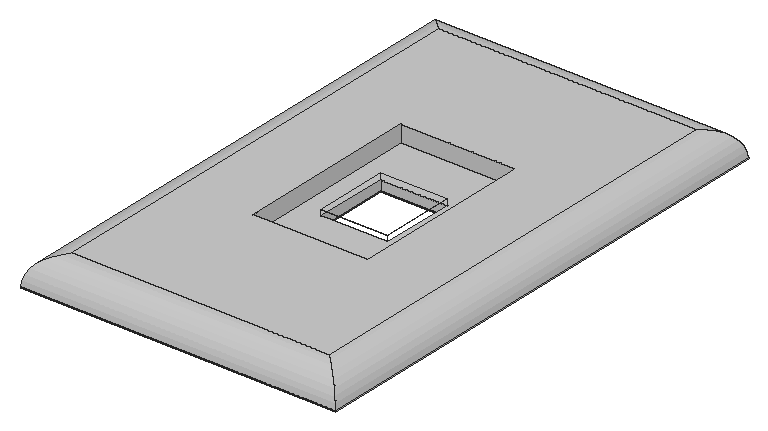
Revit family "Data_Device-Work_Area-Leviton-QuickPort-Wallplate", category Data Devices, host Face, Revit 2026 (continued)
Lines and regions (in)
  reference lines
    curve 1: line (-2.2815, 0.9575, 0.25) -> (0.4685, 0.9575, 0.25)
    curve 2: line (-2.2215, 0.77, 0.25) -> (0.4085, 0.77, 0.25)
    curve 3: line (-2.2815, 0.3225, 0.25) -> (0.4685, 0.3225, 0.25)
    curve 4: line (-2.2815, -0.125, 0.25) -> (0.4685, -0.125, 0.25)
    curve 5: line (-2.2815, -0.5725, 0.25) -> (0.4685, -0.5725, 0.25)
  reference lines, not visible
    curve 6: line (-1.522, 0.77, 7) -> (-0.291, 0.77, 7)
    curve 7: line (-1.522, -0.125, 7) -> (-0.291, -0.125, 7)
    curve 8: line (-2.2815, -0.125, 0.25) -> (0.4685, -0.125, 0.25)
    curve 9: line (-2.2815, -0.125, 0.25) -> (0.4685, -0.125, 0.25)
    curve 10: line (-0.9065, 1.2175, 0.25) -> (-0.9065, -0.5725, 0.25)
    curve 11: line (-2.2215, 0.77, 0.25) -> (0.4085, 0.77, 0.25)
    curve 12: line (-2.1675, 1.2175, 0.25) -> (0.3545, 1.2175, 0.25)
    curve 13: line (-2.2215, 0.77, 0.25) -> (0.4085, 0.77, 0.25)
    curve 17: line (-2.009, -0.9132566, 0.2869739) -> (-2.009, 1.2175, 0.2869739)
    curve 18: line (0.196, -0.9132566, 0.2869739) -> (0.196, 1.2175, 0.2869739)
    curve 20: line (-1.232, -0.9132566, 0.2869739) -> (-1.232, 1.2175, 0.2869739)
    curve 21: line (-0.581, -0.9132566, 0.2869739) -> (-0.581, 1.2175, 0.2869739)
  reference lines, visible <- "z Angles are Visible 4 Port"
    curve 14: line (-1.522, 0.6182373, 0.2869739) -> (-0.291, 0.6182373, 0.2869739)
    curve 16: line (-1.564, 0.6182373, 0.2869739) -> (-0.249, 0.6182373, 0.2869739)
    curve 19: line (-1.564, -0.5670469, 0.2869739) -> (-0.249, -0.5670469, 0.2869739)
  reference lines, visible <- "z Angles are Visible 2 Port"
    curve 15: line (-1.522, 0.3053335, 0.2869739) -> (-0.291, 0.3053335, 0.2869739)
  reference lines, visible <- "z Has 08 Ports"
    curve 22: line (-2.1675, 1.2175, 0.25) -> (-2.2815, -0.5725, 0.25)
    curve 23: line (0.3545, 1.2175, 0.25) -> (0.4685, -0.5725, 0.25)
    curve 24: line (-2.2215, 0.77, 0.25) -> (-2.2215, -0.5725, 0.25)
    curve 25: line (0.4085, 0.77, 0.25) -> (0.4085, -0.5725, 0.25)
  symbolic lines, style "Wallplates", detail levels fine
    curve 26: line (-2.0315, 2.5725, 0.25) -> (0.2185, 2.5725, 0.25)
    curve 27: arc (-2.2815, 2.5725, 0) -> (-2.2082767, 2.5725, 0.1767767) -> (-2.0315, 2.5725, 0.25) r 0.25
    curve 28: arc (0.2185, 2.5725, 0.25) -> (0.3952767, 2.5725, 0.1767767) -> (0.4685, 2.5725, 0) r 0.25
    curve 29: line (-2.2815, 2.5725, 0) -> (0.4685, 2.5725, 0)
    curve 30: line (0.4685, 2.3225, 0.25) -> (0.4685, -1.6775, 0.25)
    curve 31: arc (0.4685, -1.6775, 0.25) -> (0.4685, -1.8542767, 0.1767767) -> (0.4685, -1.9275, 0) r 0.25
    curve 32: arc (0.4685, 2.5725, 0) -> (0.4685, 2.4992767, 0.1767767) -> (0.4685, 2.3225, 0.25) r 0.25
    curve 33: line (0.4685, -1.9275, 0) -> (0.4685, 2.5725, 0)
    curve 34: arc (-2.2815, -1.6775, 0.25) -> (-2.2815, -1.8542767, 0.1767767) -> (-2.2815, -1.9275, 0) r 0.25
    curve 35: line (-2.2815, -1.9275, 0) -> (-2.2815, 2.5725, 0)
    curve 36: arc (-2.2815, 2.5725, 0) -> (-2.2815, 2.4992767, 0.1767767) -> (-2.2815, 2.3225, 0.25) r 0.25
    curve 37: line (-2.2815, 2.3225, 0.25) -> (-2.2815, -1.6775, 0.25)
  symbolic lines, style "Wallplates", detail levels medium
    curve 38: line (-2.2815, 2.5725, 0.25) -> (0.4685, 2.5725, 0.25)
    curve 39: line (-2.2815, 2.5725, 0) -> (-2.2815, 2.5725, 0.25)
    curve 40: line (0.4685, 2.5725, 0) -> (-2.2815, 2.5725, 0)
    curve 41: line (0.4685, 2.5725, 0.25) -> (0.4685, 2.5725, 0)
  symbolic lines, style "Wallplates", detail levels coarse+medium
    curve 42: line (0.4685, -1.9275, 0.25) -> (0.4685, 2.5725, 0.25)
    curve 43: line (0.4685, 2.5725, 0.25) -> (0.4685, 2.5725, 0)
    curve 44: line (0.4685, -1.9275, 0) -> (0.4685, -1.9275, 0.25)
    curve 45: line (0.4685, 2.5725, 0) -> (0.4685, -1.9275, 0)
Dimensions and locks (in)
  "z Depth": plane 4 "Front" to plane 2 "Mounting Surface"
  equal spacing: plane 8, plane 1 "Center (Front/Back)", plane 5  (x2)
  "Height": plane 8 to plane 5
  "z Distance": plane 5 to plane 9
  "z Distance": plane 9 to plane 10
  "z Distance": plane 10 to plane 11
  "z Distance": plane 11 to plane 12
  "z Distance": plane 12 to plane 13
  "Height": plane 14 to plane 9
  "Height": plane 15 to plane 10
  "Height": plane 16 to plane 11
  "Height": plane 17 to plane 12
  "Height": plane 18 "Top" to plane 13
  "Height": Extrusion 9 to Extrusion 9
  "z Distance": plane 19 to plane 5
  equal spacing: plane 20, plane 1 "Center (Front/Back)", plane 21, locked at 0.325 each
  "z Height": plane 20 to plane 21
  "Width": plane 6 "Left" to plane 7 "Right"
  equal spacing: plane 6 "Left", plane 3 "Center (Left/Right)", plane 7 "Right"
  equal spacing: plane 22, plane 3 "Center (Left/Right)", plane 23
  locked: plane 8 to plane 24 at 0.25
  Extrusion 11 sketch curve to Extrusion 11 sketch curve = 0.46000"
  Extrusion 11 sketch curve to Extrusion 11 sketch curve = 1.83000"  (x2)
  Extrusion 11 sketch curve to plane 3 "Center (Left/Right)" = 0.07610"
  "z Void Offset Single Gang 2": Extrusion 10 to plane 27 "1"
  Extrusion 13 to Extrusion 12 = 0.44750"
  "z Depth": Extrusion 13 to Extrusion 13
  "z Width": plane 22 to plane 23
  locked: Extrusion 14 to Extrusion 14 at 0.25
  Extrusion 15 sketch curve to Extrusion 15 sketch curve = 0.65000"  (x2)
  "z Depth": Extrusion 15 to plane 29 "3"
  locked: Extrusion 15 to Extrusion 15 at 0.65  (x2)
  locked: Extrusion 15 to Extrusion 15 at 0.895
  equal spacing: Extrusion 11 sketch curve, plane 3 "Center (Left/Right)", Extrusion 11 sketch curve
  equal spacing: plane 30, plane 3 "Center (Left/Right)", plane 31 "Angled Feature Right Side"
  "z Width": plane 30 to plane 32
  equal spacing: plane 32, plane 3 "Center (Left/Right)", plane 33
  Extrusion 18 sketch curve to Extrusion 18 sketch curve = 0.65000"  (x2)
  locked: Extrusion 18 to Extrusion 18 at 0.65  (x2)
  Extrusion 18 to Extrusion 18 = 0.89500"
  locked: Extrusion 18 to Extrusion 18 at 0.895
  "z Depth": Extrusion 17 to plane 34 "6"
  "z Depth": Extrusion 18 to plane 34 "6"
  "z 1 X Offset 1": plane 30 to plane 31 "Angled Feature Right Side"
  locked: Extrusion 19 to Extrusion 19 at 0.25
  "z Depth": Extrusion 20 to Extrusion 20
  equal spacing: plane 37, plane 3 "Center (Left/Right)", plane 38
  equal spacing: plane 36, plane 3 "Center (Left/Right)", plane 39
  "z 1 X Offset 2": plane 31 "Angled Feature Right Side" to plane 38
  "z Width": plane 39 to plane 38
  "z Height": plane 40 to plane 41
  "z 1 Y Offset 1": plane 40 to plane 20
  "z Depth": Extrusion 22 to plane 43 "8"
  "z Depth": Extrusion 21 to plane 43 "8"
  equal spacing: plane 45, plane 1 "Center (Front/Back)", plane 44
  "z Height": plane 46 to plane 45
  "z Height": plane 44 to plane 47
  "z 1 Y Offset 1": plane 45 to plane 44
  "z Depth": Extrusion 20 to plane 35 "4"
  equal spacing: Extrusion 23 sketch curve, plane 48, Extrusion 23 sketch curve
  locked: Extrusion 23 sketch curve to Extrusion 23 sketch curve at 1.62
  equal spacing: Extrusion 23 sketch curve, plane 3 "Center (Left/Right)", Extrusion 23 sketch curve
  locked: Extrusion 23 sketch curve to Extrusion 23 sketch curve at 1
  "z 2 Y Offset 2": plane 1 "Center (Front/Back)" to plane 48
  locked: plane 4 "Front" to plane 49 "Recess" at 0.15
  "z Offset 6": plane 34 "6" to plane 50 "Void Collector"
  locked: level to plane 50 "Void Collector" at 2
  "z Offset 2 H": plane 43 "8" to plane 50 "Void Collector"
  "z Offset 4": plane 35 "4" to plane 50 "Void Collector"
  "z Offset 3": plane 29 "3" to plane 50 "Void Collector"
  "z Offset 1": plane 27 "1" to plane 50 "Void Collector"
  "z Offset 2": plane 28 "2" to plane 50 "Void Collector"
  "z Void Offset Dual Gang 2": plane 42 to plane 50 "Void Collector"
  "z Void Offset Single Gang 1": plane 26 to plane 50 "Void Collector"
  "z Void Offset Dual Gang 1": plane 25 to plane 50 "Void Collector"
  locked: plane 25 to Extrusion 11 at 0.1
  equal spacing: plane 46, plane 54, plane 45, locked at 0.325 each
  equal spacing: plane 44, plane 55, plane 47, locked at 0.325 each
  plane 30 to plane 32 = 0.58000"  (x3)
  "z Depth": Extrusion 24 to plane 35 "4"
  "z Width": Extrusion 20 to Extrusion 20  (x2)
  Extrusion 20 to Extrusion 20 = 0.58000"
  plane 33 to plane 31 "Angled Feature Right Side" = 0.58000"
  Extrusion 25 sketch curve to Extrusion 25 sketch curve = 0.65000"  (x2)
  locked: Extrusion 25 to Extrusion 25 at 0.65  (x2)
  locked: Extrusion 25 to Extrusion 25 at 0.895
  "z Depth": Extrusion 25 to plane 34 "6"
  equal spacing: cut or joined group 1 (Sweep 3, Extrusion 8, Extrusion 10, Extrusion 11, Extrusion 14, Extrusion 16, Extrusion 17, Extrusion 19, Extrusion 22, Extrusion 23, Extrusion 26, Extrusion 27, Extrusion 30, Extrusion 31, Extrusion 32, Extrusion 36, Extrusion 37), plane 3 "Center (Left/Right)", cut or joined group 1, locked at 1.9061 each
  Extrusion 26 sketch curve to Extrusion 26 sketch curve = 0.46000"
  Extrusion 26 sketch curve to Extrusion 26 sketch curve = 1.83000"
  Extrusion 26 to Extrusion 26 = 1.83000"
  locked: Extrusion 26 to Extrusion 26 at 1.83
  equal spacing: Extrusion 26 sketch curve, plane 3 "Center (Left/Right)", Extrusion 26 sketch curve
  equal spacing: Extrusion 26 sketch curve, plane 1 "Center (Front/Back)", Extrusion 26 sketch curve  (x2)
  plane 1 "Center (Front/Back)" to Extrusion 26 sketch curve = 1.85000"
  locked: plane 26 to Extrusion 26 at 0.1
  locked: Extrusion 27 to plane 42 at 0.1
  cut or joined group of Extrusion 20, Extrusion 26, Extrusion 30 to cut or joined group of Extrusion 20, Extrusion 26, Extrusion 30 = 0.58000"
  equal spacing: plane 56, plane 3 "Center (Left/Right)", plane 57
  "z Void Offset Angled": plane 56 to plane 3 "Center (Left/Right)"
  "z Void 4 Port Angled": plane 58 "Lower 4-Port Mounting Face" to plane 61 "Lower 4-Port"
  "z Void 4 Port Angled": plane 60 "Upper 4-Port Mounting Face" to plane 63 "Upper 4-Port"
  "z Void 2 Port Angled": plane 59 "2-Port Mounting Face" to plane 62 "2-Port"
  Extrusion 30 sketch curve to Extrusion 30 sketch curve = 0.45962"
  "z Height": Extrusion 30 sketch curve to Extrusion 30 sketch curve  (x2)
  Extrusion 31 sketch curve to Extrusion 31 sketch curve = 0.45962"
  "z Height": Extrusion 31 sketch curve to Extrusion 31 sketch curve  (x2)
  Extrusion 32 sketch curve to Extrusion 32 sketch curve = 0.45962"
  "z Height": Extrusion 32 sketch curve to Extrusion 32 sketch curve  (x2)
  locked: Extrusion 30 to Extrusion 30 at 1.2
  locked: Extrusion 32 to Extrusion 32 at 1.2
  locked: Extrusion 31 to Extrusion 31 at 1.2
  Extrusion 33 to level = 0.01000"
  locked: plane 59 "2-Port Mounting Face" to plane 58 "Lower 4-Port Mounting Face" at 0.3976793
  locked: plane 60 "Upper 4-Port Mounting Face" to plane 58 "Lower 4-Port Mounting Face" at 0.5403182
  Extrusion 28 sketch curve to Extrusion 28 sketch curve = 0.22832"  (x2)
  Extrusion 28 sketch curve to Extrusion 28 sketch curve = 0.50086"  (x2)
  Extrusion 28 sketch curve to Extrusion 28 sketch curve = 0.44580"  (x2)
  "z Depth": Extrusion 34 sketch curve to Extrusion 34 sketch curve  (x2)
  locked: Extrusion 34 sketch curve to cut or joined group of Extrusion 28, Extrusion 30, Extrusion 31, Extrusion 32, Extrusion 37 at 0.65  (x2)
  locked: cut or joined group of Extrusion 28, Extrusion 30, Extrusion 31, Extrusion 32, Extrusion 37 to cut or joined group 1 at 0.0396864
  locked: Extrusion 33 to plane 18 "Top" at 0.01
  locked: plane 19 to Extrusion 33 at 0.01
  locked: plane 6 "Left" to Extrusion 33 at 0.01
  locked: Extrusion 33 to plane 7 "Right" at 0.01
  "z Depth": Extrusion 35 sketch curve to Extrusion 35 sketch curve
  locked: cut or joined group of Extrusion 29, Extrusion 31, Extrusion 37 to Extrusion 35 at 0.0396864
  locked: Extrusion 33 to level at 0.01
  cut or joined group of Extrusion 28, Extrusion 30, Extrusion 31, Extrusion 32, Extrusion 37 to Extrusion 34 = 0.03969"
  "z 1 X Offset 2": plane 31 "Angled Feature Right Side" to plane 64
  "z Width": plane 65 to plane 64
  equal spacing: plane 66, plane 3 "Center (Left/Right)", plane 65
  equal spacing: plane 67, plane 3 "Center (Left/Right)", plane 64
  equal spacing: plane 68 "Angled Feature Left Side", plane 3 "Center (Left/Right)", plane 69
  "z Void Offset Angled Plastic": plane 56 to plane 68 "Angled Feature Left Side"
  locked: plane 70 "Angled" to plane 4 "Front" at 0.0369739
  equal spacing: curve 17, plane 3 "Center (Left/Right)", curve 18
  curve 17 to plane 3 "Center (Left/Right)" = 1.10250"
  curve 10 to curve 17 = 1.10250"
  equal spacing: plane 30, curve 20, plane 32
  equal spacing: curve 20, plane 3 "Center (Left/Right)", curve 21
  equal spacing: curve 24, plane 3 "Center (Left/Right)", curve 25
  curve 24 to plane 3 "Center (Left/Right)" = 1.31500"
  plane 71 to plane 3 "Center (Left/Right)" to plane 72 = 1.60500" locked, 1.60500" locked
  locked: plane 73 to plane 74 at 0.1
  Extrusion 36 sketch curve to Extrusion 36 sketch curve = 0.46000"
  Extrusion 36 sketch curve to Extrusion 36 sketch curve = 1.83000"  (x2)
  locked: Extrusion 36 to Extrusion 36 at 1.83
  "z Void Offset Single Gang 3": plane 73 to plane 50 "Void Collector"
  "z Void 1 Port Angled": plane 59 "2-Port Mounting Face" to plane 75
  "z Height": Extrusion 37 sketch curve to Extrusion 37 sketch curve
  "z Depth": Extrusion 38 sketch curve to Extrusion 38 sketch curve  (x2)
  "z Depth": Extrusion 39 sketch curve to Extrusion 39 sketch curve  (x2)
  "z Void Offset Single Gang 4": plane 76 to plane 50 "Void Collector"
  "z Void Offset Dual Gang 3": plane 77 to plane 50 "Void Collector"
  locked: Extrusion 40 sketch curve to plane 76 at 0.75
  plane 78 to plane 77 to plane 79 = 0.75000" locked, 0.75000" locked
  locked: plane 31 "Angled Feature Right Side" to Extrusion 41 sketch curve at 0.155
  locked: Extrusion 41 sketch curve to plane 30 at 0.155
  locked: plane 76 to Extrusion 40 sketch curve at 0.75
  aligned and locked: Extrusion 1 to plane 2 "Mounting Surface"
  aligned and locked: Extrusion 1 to level
  aligned and locked: Extrusion 2 to plane 5
  aligned and locked: Extrusion 2 to plane 6 "Left"
  aligned and locked: Extrusion 2 to plane 7 "Right"
  aligned and locked: plane 8 to Extrusion 2
  aligned and locked: Extrusion 2 to level
  aligned and locked: plane 4 "Front" to Extrusion 2
  aligned and locked: Sweep 3 sketch curve to Extrusion 2  (x4)
  aligned and locked: profile plane to Sweep 3 sketch curve
  aligned and locked: Extrusion 9 to plane 19
  aligned and locked: Extrusion 4 to plane 9
  aligned and locked: Extrusion 5 to plane 10
  aligned and locked: plane 16 to Extrusion 6
  aligned and locked: Extrusion 6 to plane 11
  aligned and locked: plane 15 to Extrusion 5
  aligned and locked: plane 14 to Extrusion 4
  aligned and locked: Extrusion 7 to plane 12
  aligned and locked: plane 17 to Extrusion 7
  aligned and locked: Extrusion 8 to plane 13
  aligned and locked: plane 18 "Top" to Extrusion 8
  aligned and locked: Extrusion 9 to plane 6 "Left"
  aligned and locked: Extrusion 9 to plane 7 "Right"
  aligned and locked: Extrusion 4 to plane 6 "Left"
  aligned and locked: Extrusion 5 to plane 6 "Left"
  aligned and locked: Extrusion 6 to plane 6 "Left"
  aligned and locked: Extrusion 7 to plane 6 "Left"
  aligned and locked: Extrusion 8 to plane 6 "Left"
  aligned and locked: Extrusion 4 to plane 7 "Right"
  aligned and locked: Extrusion 5 to plane 7 "Right"
  aligned and locked: Extrusion 6 to plane 7 "Right"
  aligned and locked: Extrusion 7 to plane 7 "Right"
  aligned and locked: Extrusion 8 to plane 7 "Right"
  aligned and locked: Extrusion 10 to plane 22
  aligned and locked: plane 20 to Extrusion 10
  aligned and locked: plane 23 to Extrusion 10
  aligned and locked: Extrusion 10 to plane 21
  aligned: Extrusion 10 to level
  aligned and locked: plane 24 to Sweep 3 sketch curve
  aligned and locked: Sweep 3 sketch curve to profile plane
  aligned and locked: plane 25 to Extrusion 11
  aligned and locked: plane 22 to Extrusion 12 sketch curve
  aligned and locked: Extrusion 12 sketch curve to plane 20
  aligned and locked: Extrusion 12 sketch curve to plane 23
  aligned and locked: plane 21 to Extrusion 12 sketch curve
  aligned and locked: Extrusion 12 to plane 27 "1"
  aligned and locked: Extrusion 10 to Extrusion 12
  aligned and locked: Extrusion 13 to plane 28 "2"
  aligned and locked: Extrusion 10 to plane 27 "1"
  aligned and locked: Extrusion 14 sketch curve to Extrusion 13  (x8)
  aligned and locked: Extrusion 14 to plane 28 "2"
  aligned: Extrusion 14 to Extrusion 11
  aligned and locked: plane 21 to Extrusion 15 sketch curve
  aligned and locked: Extrusion 15 sketch curve to plane 23  (x3)
  aligned and locked: plane 22 to Extrusion 15 sketch curve  (x3)
  aligned and locked: Extrusion 15 to plane 29 "3"
  aligned and locked: Extrusion 16 sketch curve to Extrusion 15  (x10)
  aligned and locked: Extrusion 16 sketch curve to Extrusion 10  (x2)
  aligned and locked: Extrusion 16 to plane 29 "3"
  aligned and locked: Extrusion 16 to Extrusion 15
  aligned and locked: Extrusion 18 to plane 34 "6"
  aligned and locked: Extrusion 17 to plane 34 "6"
  aligned and locked: plane 30 to Extrusion 19 sketch curve  (x2)
  aligned and locked: Extrusion 19 sketch curve to plane 32  (x2)
  aligned and locked: plane 33 to Extrusion 19 sketch curve  (x2)
  aligned and locked: Extrusion 19 sketch curve to plane 31 "Angled Feature Right Side"  (x2)
  aligned: Extrusion 19 to plane 35 "4"
  aligned: Extrusion 20 to Extrusion 14  (x2)
  aligned: Extrusion 20 to nested 1
  aligned: Extrusion 14 to Extrusion 20  (x2)
  aligned and locked: plane 33 to Extrusion 20 sketch curve
  aligned and locked: Extrusion 20 sketch curve to plane 33
  aligned and locked: Extrusion 20 sketch curve to plane 31 "Angled Feature Right Side"
  aligned and locked: plane 31 "Angled Feature Right Side" to Extrusion 20 sketch curve
  aligned: Extrusion 20 to plane 35 "4"
  aligned: Extrusion 20 sketch curve to Extrusion 19
  aligned: Extrusion 20 to Extrusion 19  (x8)
  aligned: Extrusion 19 to Extrusion 20  (x4)
  aligned and locked: Extrusion 20 sketch curve to plane 38
  aligned and locked: plane 38 to Extrusion 20 sketch curve
  aligned and locked: plane 39 to Extrusion 20 sketch curve
  aligned and locked: Extrusion 20 sketch curve to plane 39
  aligned and locked: Extrusion 20 sketch curve to plane 36
  aligned and locked: plane 36 to Extrusion 20 sketch curve
  aligned and locked: Extrusion 20 sketch curve to plane 37
  aligned and locked: plane 37 to Extrusion 20 sketch curve
  aligned and locked: Extrusion 19 sketch curve to Extrusion 19 sketch curve  (x3)
  aligned: Extrusion 19 sketch curve to Extrusion 19 sketch curve
  aligned: Extrusion 20 to cut or joined group 1  (x4)
  aligned and locked: Extrusion 17 sketch curve to Extrusion 18  (x8)
  aligned and locked: Extrusion 18 to Extrusion 17 sketch curve  (x4)
  aligned: Extrusion 17 to Extrusion 15
  aligned: Extrusion 15 to Extrusion 17
  aligned and locked: Extrusion 16 to Extrusion 18  (x3)
  aligned: plane 40 to cut or joined group of Extrusion 15, Extrusion 17, Extrusion 30
  aligned and locked: Extrusion 18 to plane 41  (x3)
  aligned and locked: cut or joined group 1 to plane 41
  aligned and locked: plane 20 to cut or joined group of Extrusion 15, Extrusion 17, Extrusion 30
  aligned and locked: plane 40 to cut or joined group of Extrusion 15, Extrusion 17, Extrusion 30
  aligned and locked: Extrusion 18 to cut or joined group 2 (Sweep 3, Extrusion 7, Extrusion 10, Extrusion 11, Extrusion 14, Extrusion 16, Extrusion 17, Extrusion 19, Extrusion 22, Extrusion 26, Extrusion 27, Extrusion 30, Extrusion 31, Extrusion 32, Extrusion 36, Extrusion 37)  (x2)
  aligned and locked: Extrusion 15 to Extrusion 17
  aligned and locked: Extrusion 17 to cut or joined group 2  (x2)
  aligned and locked: cut or joined group 2 to Extrusion 17
  aligned and locked: plane 6 "Left" to curve 1
  aligned and locked: plane 6 "Left" to curve 3
  aligned and locked: plane 6 "Left" to curve 5
  aligned and locked: plane 7 "Right" to curve 1
  aligned and locked: plane 7 "Right" to curve 3
  aligned and locked: plane 7 "Right" to curve 4
  aligned and locked: plane 7 "Right" to curve 5
  aligned and locked: Extrusion 18 to Extrusion 17
  aligned and locked: plane 20 to Extrusion 17  (x4)
  aligned and locked: Extrusion 17 to Extrusion 18
  aligned and locked: plane 20 to Extrusion 18  (x3)
  aligned and locked: plane 1 "Center (Front/Back)" to curve 3
  aligned and locked: Extrusion 11 sketch curve to Extrusion 11 sketch curve
  aligned and locked: cut or joined group of Sweep 3, Extrusion 6, Extrusion 10, Extrusion 11, Extrusion 14, Extrusion 16, Extrusion 17, Extrusion 19, Extrusion 22, Extrusion 26, Extrusion 27, Extrusion 30, Extrusion 31, Extrusion 32, Extrusion 36, Extrusion 37 to Extrusion 11
  aligned: cut or joined group 1 to Extrusion 11
  aligned: Extrusion 11 to cut or joined group 1
  aligned and locked: Extrusion 22 to plane 43 "8"
  aligned and locked: Extrusion 21 to plane 43 "8"
  aligned: plane 44 to Extrusion 20
  aligned: plane 44 to Extrusion 19  (x3)
  aligned: Extrusion 20 to plane 45  (x4)
  aligned: Extrusion 19 to plane 45  (x4)
  aligned and locked: cut or joined group of Extrusion 13, Extrusion 16, Extrusion 19, Extrusion 26, Extrusion 30, Extrusion 31, Extrusion 32 to plane 45
  aligned: plane 46 to Extrusion 20  (x3)
  aligned: plane 46 to Extrusion 19  (x3)
  aligned: Extrusion 20 to plane 46
  aligned: Extrusion 19 to plane 46
  aligned and locked: plane 46 to cut or joined group of Extrusion 13, Extrusion 16, Extrusion 19, Extrusion 26, Extrusion 30, Extrusion 31, Extrusion 32
  aligned and locked: plane 46 to cut or joined group 1
  aligned: Extrusion 19 to plane 47  (x4)
  aligned and locked: plane 46 to Extrusion 20
  aligned and locked: cut or joined group of Extrusion 13, Extrusion 16, Extrusion 19, Extrusion 26, Extrusion 30, Extrusion 31, Extrusion 32 to plane 47
  aligned: Extrusion 20 to cut or joined group 2
  aligned and locked: plane 44 to Extrusion 20 sketch curve
  aligned and locked: Extrusion 20 to plane 47  (x2)
  aligned and locked: Extrusion 20 to plane 44
  aligned: Extrusion 19 to plane 44
  aligned and locked: plane 44 to Extrusion 20
  aligned and locked: plane 44 to cut or joined group of Extrusion 13, Extrusion 16, Extrusion 19, Extrusion 26, Extrusion 30, Extrusion 31, Extrusion 32
  aligned and locked: Extrusion 20 to cut or joined group of Extrusion 18, Extrusion 22, Extrusion 26, Extrusion 30  (x4)
  aligned and locked: cut or joined group of Extrusion 18, Extrusion 22, Extrusion 26, Extrusion 30 to Extrusion 20  (x4)
  aligned and locked: cut or joined group of Extrusion 18, Extrusion 22, Extrusion 26, Extrusion 30 to cut or joined group of Extrusion 18, Extrusion 22, Extrusion 26, Extrusion 30  (x4)
  aligned: curve 6 to cut or joined group 2  (x2)
  aligned: curve 7 to cut or joined group 2  (x2)
  aligned and locked: plane 5 to Masking region 1 sketch curve
  aligned and locked: Masking region 1 sketch curve to plane 8
  aligned and locked: Masking region 1 sketch curve to plane 4 "Front"
  aligned and locked: level to Masking region 1 sketch curve
  aligned and locked: Extrusion 23 to plane 49 "Recess"
  aligned and locked: plane 4 "Front" to Extrusion 23
  aligned and locked: plane 51 to curve 6
  aligned and locked: plane 52 to curve 7
  aligned and locked: curve 8 to plane 52
  aligned and locked: plane 6 "Left" to curve 8
  aligned and locked: plane 7 "Right" to curve 8
  aligned and locked: cut or joined group 1 to Extrusion 21  (x2)
  aligned and locked: plane 6 "Left" to curve 9
  aligned and locked: curve 9 to plane 55
  aligned and locked: curve 10 to plane 3 "Center (Left/Right)"
  aligned and locked: Extrusion 24 sketch curve to Extrusion 24 sketch curve  (x4)
  aligned and locked: plane 30 to Extrusion 24 sketch curve
  aligned and locked: Extrusion 24 sketch curve to plane 32
  aligned and locked: plane 33 to Extrusion 24 sketch curve
  aligned and locked: Extrusion 24 sketch curve to plane 31 "Angled Feature Right Side"
  aligned and locked: Extrusion 24 sketch curve to plane 46  (x2)
  aligned and locked: plane 45 to Extrusion 24 sketch curve  (x2)
  aligned and locked: Extrusion 24 sketch curve to plane 44  (x2)
  aligned and locked: plane 47 to Extrusion 24 sketch curve
  aligned and locked: Extrusion 24 to plane 35 "4"
  aligned and locked: Extrusion 17 to Extrusion 25
  aligned and locked: Extrusion 26 to Extrusion 26  (x2)
  aligned: Extrusion 26 to plane 26
  aligned and locked: plane 26 to Extrusion 26
  aligned: Extrusion 26 to cut or joined group 1  (x2)
  aligned: cut or joined group 1 to Extrusion 26
  aligned: Extrusion 27 sketch curve to Extrusion 26  (x4)
  aligned and locked: Extrusion 27 sketch curve to cut or joined group 1
  aligned and locked: cut or joined group 1 to Extrusion 27 sketch curve
  aligned and locked: Extrusion 27 to cut or joined group 1  (x2)
  aligned and locked: cut or joined group 1 to Extrusion 27  (x2)
  aligned and locked: Extrusion 27 to plane 42
  aligned and locked: cut or joined group 1 to cut or joined group of Extrusion 20, Extrusion 26, Extrusion 30  (x6)
  aligned and locked: cut or joined group 1 to cut or joined group 1
  aligned and locked: Extrusion 19 to plane 35 "4"
  aligned and locked: cut or joined group of Extrusion 20, Extrusion 26, Extrusion 30 to cut or joined group of Extrusion 24, Extrusion 26, Extrusion 30
  aligned and locked: plane 7 "Right" to curve 9
  aligned and locked: curve 12 to plane 53
  aligned and locked: Extrusion 18 sketch curve to Extrusion 18 sketch curve  (x2)
  aligned and locked: Extrusion 25 sketch curve to Extrusion 25 sketch curve
  aligned and locked: curve 13 to plane 54
  aligned and locked: cut or joined group of Extrusion 24, Extrusion 26, Extrusion 30 to plane 47
  aligned and locked: cut or joined group of Extrusion 20, Extrusion 26, Extrusion 30 to plane 47
  aligned and locked: Extrusion 28 to plane 56
  aligned and locked: Extrusion 28 to plane 57
  aligned and locked: Extrusion 29 to plane 56
  aligned and locked: plane 57 to Extrusion 29
  aligned: plane 58 "Lower 4-Port Mounting Face" to Extrusion 28
  aligned: plane 59 "2-Port Mounting Face" to Extrusion 29
  aligned: Extrusion 28 to plane 60 "Upper 4-Port Mounting Face"
  aligned and locked: Extrusion 30 sketch curve to plane 33
  aligned and locked: plane 31 "Angled Feature Right Side" to Extrusion 30 sketch curve
  aligned and locked: Extrusion 30 to plane 61 "Lower 4-Port"
  aligned and locked: plane 32 to Extrusion 30 sketch curve
  aligned and locked: Extrusion 30 sketch curve to plane 30
  aligned and locked: Extrusion 32 to plane 63 "Upper 4-Port"
  aligned and locked: Extrusion 31 to plane 62 "2-Port"
  aligned: cut or joined group of Extrusion 29, Extrusion 31, Extrusion 37 to plane 4 "Front"
  aligned: plane 49 "Recess" to Extrusion 33
  aligned and locked: Extrusion 33 to level
  aligned and locked: plane 58 "Lower 4-Port Mounting Face" to cut or joined group of Extrusion 28, Extrusion 30, Extrusion 31, Extrusion 32, Extrusion 37
  aligned and locked: Extrusion 30 sketch curve to Extrusion 30 sketch curve
  aligned and locked: plane 59 "2-Port Mounting Face" to cut or joined group of Extrusion 29, Extrusion 31, Extrusion 37
  aligned and locked: plane 60 "Upper 4-Port Mounting Face" to cut or joined group of Extrusion 28, Extrusion 30, Extrusion 31, Extrusion 32, Extrusion 37
  aligned and locked: Extrusion 27 to Extrusion 27  (x2)
  aligned and locked: Sweep 3 sketch curve to Extrusion 33
  aligned: plane 18 "Top" to Extrusion 33
  aligned: Extrusion 33 to plane 19
  aligned: plane 6 "Left" to Extrusion 33
  aligned: Extrusion 33 to plane 7 "Right"
  aligned and locked: Extrusion 34 sketch curve to Extrusion 30
  aligned and locked: Extrusion 34 sketch curve to Extrusion 32
  aligned and locked: Extrusion 35 to cut or joined group of Extrusion 29, Extrusion 31, Extrusion 37  (x2)
  aligned and locked: Extrusion 11 to Extrusion 26
  aligned and locked: Extrusion 11 sketch curve to Extrusion 26  (x2)
  aligned and locked: Extrusion 30 sketch curve to plane 65
  aligned and locked: plane 64 to Extrusion 30 sketch curve
  aligned and locked: Extrusion 30 sketch curve to plane 67
  aligned and locked: plane 66 to Extrusion 30 sketch curve
  aligned and locked: Extrusion 30 to Extrusion 30  (x4)
  aligned and locked: Extrusion 30 to Extrusion 32 sketch curve  (x2)
  aligned and locked: Extrusion 32 sketch curve to Extrusion 30  (x2)
  aligned and locked: Extrusion 32 to Extrusion 32  (x4)
  aligned and locked: Extrusion 34 to plane 68 "Angled Feature Left Side"
  aligned and locked: plane 69 to Extrusion 34
  aligned and locked: Extrusion 34 to curve 16  (x2)
  aligned and locked: Extrusion 34 to curve 19  (x2)
  aligned and locked: Masking region 3 sketch curve to curve 31
  aligned and locked: Masking region 3 sketch curve to curve 33
  aligned and locked: Masking region 3 sketch curve to curve 32
  aligned and locked: Masking region 4 sketch curve to Masking region 3  (x3)
  aligned and locked: Masking region 5 sketch curve to Masking region 1  (x4)
  aligned and locked: curve 34 to curve 31
  aligned and locked: curve 35 to curve 33
  aligned and locked: curve 36 to curve 32
  aligned and locked: curve 39 to plane 6 "Left"
  aligned and locked: level to curve 40
  aligned and locked: plane 7 "Right" to curve 41
  aligned and locked: curve 38 to plane 4 "Front"
  aligned and locked: Masking region 6 sketch curve to curve 29
  aligned and locked: Masking region 6 sketch curve to curve 41
  aligned and locked: Masking region 6 sketch curve to curve 38
  aligned and locked: Masking region 6 sketch curve to curve 39
  aligned and locked: plane 73 to Extrusion 36
  aligned and locked: Extrusion 36 to plane 74
  aligned and locked: Extrusion 35 to plane 68 "Angled Feature Left Side"
  aligned and locked: plane 69 to Extrusion 35
  aligned and locked: plane 75 to Extrusion 37
  aligned and locked: cut or joined group 1 to plane 68 "Angled Feature Left Side"
  aligned and locked: plane 69 to cut or joined group 1
  aligned and locked: Extrusion 38 to plane 30
  aligned and locked: Extrusion 39 to plane 33
  aligned and locked: plane 32 to Extrusion 38
  aligned and locked: plane 31 "Angled Feature Right Side" to Extrusion 39
  aligned and locked: plane 18 "Top" to Extrusion 40 sketch curve
  aligned and locked: Extrusion 40 sketch curve to plane 19
  aligned and locked: Extrusion 40 to plane 32
  aligned and locked: plane 33 to Extrusion 40
  aligned and locked: Extrusion 41 to plane 78
  aligned and locked: plane 19 to Extrusion 41 sketch curve  (x3)
  aligned and locked: plane 24 to Extrusion 41 sketch curve  (x3)
  aligned and locked: Extrusion 41 sketch curve to plane 33
  aligned and locked: Extrusion 41 sketch curve to plane 32
  aligned and locked: plane 31 "Angled Feature Right Side" to Extrusion 41 sketch curve
  aligned and locked: Extrusion 41 sketch curve to plane 30
  aligned and locked: Extrusion 41 to plane 79
Automatic sketch dimensions
  Extrusion 1 sketch curve to Extrusion 1 sketch curve = 8.39300"
  Extrusion 1 sketch curve to Extrusion 1 sketch curve = 6.00000"
  Extrusion 2 sketch curve to plane 5 = 0.00000"
  Extrusion 2 sketch curve to plane 6 "Left" = 0.00000"
  Extrusion 2 sketch curve to plane 7 "Right" = 0.00000"
  Extrusion 2 sketch curve to plane 8 = 0.00000"
  Extrusion 4 sketch curve to plane 5 = 0.00000"
  Extrusion 4 sketch curve to plane 6 "Left" = 0.00000"
  Extrusion 4 sketch curve to plane 7 "Right" = 0.00000"
  Extrusion 4 sketch curve to plane 8 = 0.00000"
  Extrusion 5 sketch curve to plane 5 = 0.00000"
  Extrusion 5 sketch curve to plane 6 "Left" = 0.00000"
  Extrusion 5 sketch curve to plane 7 "Right" = 0.00000"
  Extrusion 5 sketch curve to plane 8 = 0.00000"
  Extrusion 6 sketch curve to plane 5 = 0.00000"
  Extrusion 6 sketch curve to plane 6 "Left" = 0.00000"
  Extrusion 6 sketch curve to plane 7 "Right" = 0.00000"
  Extrusion 6 sketch curve to plane 8 = 0.00000"
  Extrusion 7 sketch curve to plane 5 = 0.00000"
  Extrusion 7 sketch curve to plane 6 "Left" = 0.00000"
  Extrusion 7 sketch curve to plane 7 "Right" = 0.00000"
  Extrusion 7 sketch curve to plane 8 = 0.00000"
  Extrusion 8 sketch curve to plane 5 = 0.00000"
  Extrusion 8 sketch curve to plane 6 "Left" = 0.00000"
  Extrusion 8 sketch curve to plane 7 "Right" = 0.00000"
  Extrusion 8 sketch curve to plane 8 = 0.00000"
  plane 5 to Extrusion 9 sketch curve = 0.00000"
  Extrusion 9 sketch curve to plane 6 "Left" = 0.00000"
  Extrusion 9 sketch curve to plane 7 "Right" = 0.00000"
  plane 8 to Extrusion 9 sketch curve = 0.00000"
  Extrusion 10 sketch curve to plane 20 = 0.00000"
  Extrusion 10 sketch curve to plane 23 = 0.00000"
  Extrusion 10 sketch curve to plane 21 = 0.00000"
  Extrusion 10 sketch curve to plane 22 = 0.00000"
  plane 6 "Left" to Extrusion 11 sketch curve = 0.53110"
  Extrusion 13 sketch curve to plane 23 = 0.00000"  (x2)
  Extrusion 13 sketch curve to plane 22 = 0.00000"  (x2)
  Extrusion 13 sketch curve to plane 46 = 0.00000"
  Extrusion 13 sketch curve to plane 45 = 0.00000"
  Extrusion 13 sketch curve to plane 44 = 0.00000"
  Extrusion 13 sketch curve to plane 47 = 0.00000"
  plane 41 to Extrusion 15 sketch curve = 0.00000"
  Extrusion 15 sketch curve to plane 20 = 0.00000"
  Extrusion 15 sketch curve to plane 52 = 0.12250"
  Extrusion 17 sketch curve to plane 21 = 0.00000"  (x4)
  Extrusion 17 sketch curve to plane 31 "Angled Feature Right Side" = 0.00000"  (x3)
  Extrusion 17 sketch curve to plane 20 = 0.00000"  (x4)
  Extrusion 17 sketch curve to plane 33 = 0.00000"  (x3)
  Extrusion 17 sketch curve to plane 32 = 0.00000"  (x3)
  Extrusion 17 sketch curve to plane 30 = 0.00000"  (x3)
  plane 41 to Extrusion 17 sketch curve = 0.00000"  (x3)
  Extrusion 17 sketch curve to plane 41 = 0.00000"
  plane 40 to Extrusion 17 sketch curve = 0.00000"  (x3)
  Extrusion 17 sketch curve to plane 40 = 0.00000"
  Extrusion 17 sketch curve to plane 52 = 0.12250"  (x4)
  Extrusion 17 sketch curve to plane 47 = 0.44750"  (x3)
  Extrusion 17 sketch curve to Extrusion 17 sketch curve = 0.00000"
  Extrusion 18 sketch curve to plane 20 = 0.00000"  (x4)
  Extrusion 18 sketch curve to plane 21 = 0.00000"  (x4)
  plane 40 to Extrusion 18 sketch curve = 0.00000"  (x2)
  plane 41 to Extrusion 18 sketch curve = 0.00000"  (x3)
  Extrusion 18 sketch curve to plane 31 "Angled Feature Right Side" = 0.00000"  (x3)
  Extrusion 18 sketch curve to plane 33 = 0.00000"  (x3)
  Extrusion 18 sketch curve to plane 32 = 0.00000"  (x3)
  Extrusion 18 sketch curve to plane 30 = 0.00000"  (x3)
  Extrusion 18 sketch curve to plane 41 = 0.00000"
  Extrusion 18 sketch curve to plane 40 = 0.00000"
  Extrusion 18 sketch curve to Extrusion 18 sketch curve = 0.00000"  (x6)
  Extrusion 18 sketch curve to plane 47 = 0.44750"  (x2)
  Extrusion 18 sketch curve to plane 52 = 0.12250"  (x3)
  Extrusion 18 sketch curve to Extrusion 18 sketch curve = 0.58000"  (x4)
  plane 6 "Left" to Extrusion 18 sketch curve = 1.66050"
  Extrusion 19 sketch curve to plane 46 = 0.00000"  (x3)
  Extrusion 19 sketch curve to plane 47 = 0.00000"  (x3)
  Extrusion 19 sketch curve to plane 45 = 0.00000"  (x3)
  Extrusion 19 sketch curve to plane 44 = 0.00000"  (x3)
  plane 44 to Extrusion 19 sketch curve = 0.00000"
  plane 46 to Extrusion 19 sketch curve = 0.00000"
  plane 47 to Extrusion 19 sketch curve = 0.00000"
  plane 45 to Extrusion 19 sketch curve = 0.00000"
  plane 6 "Left" to Extrusion 19 sketch curve = 1.66050"
  Extrusion 19 sketch curve to Extrusion 19 sketch curve = 0.58000"  (x2)
  Extrusion 20 sketch curve to plane 32 = 0.00000"  (x2)
  Extrusion 20 sketch curve to plane 30 = 0.00000"  (x2)
  Extrusion 20 sketch curve to plane 46 = 0.00000"  (x3)
  plane 46 to Extrusion 20 sketch curve = 0.00000"
  Extrusion 20 sketch curve to plane 45 = 0.00000"  (x3)
  plane 45 to Extrusion 20 sketch curve = 0.00000"
  Extrusion 20 sketch curve to plane 44 = 0.00000"  (x2)
  plane 44 to Extrusion 20 sketch curve = 0.00000"
  Extrusion 20 sketch curve to plane 47 = 0.00000"  (x3)
  plane 47 to Extrusion 20 sketch curve = 0.00000"
  Extrusion 21 sketch curve to plane 20 = 0.00000"  (x2)
  Extrusion 21 sketch curve to plane 31 "Angled Feature Right Side" = 0.00000"
  Extrusion 21 sketch curve to plane 21 = 0.00000"  (x2)
  Extrusion 21 sketch curve to plane 33 = 0.00000"
  Extrusion 21 sketch curve to plane 32 = 0.00000"
  Extrusion 21 sketch curve to plane 30 = 0.00000"
  Extrusion 22 sketch curve to plane 20 = 0.00000"  (x2)
  Extrusion 22 sketch curve to plane 31 "Angled Feature Right Side" = 0.00000"
  Extrusion 22 sketch curve to plane 21 = 0.00000"  (x2)
  Extrusion 22 sketch curve to plane 33 = 0.00000"
  Extrusion 22 sketch curve to plane 32 = 0.00000"
  Extrusion 22 sketch curve to plane 30 = 0.00000"
  curve 6 to plane 31 "Angled Feature Right Side" = 0.00000"
  curve 7 to plane 31 "Angled Feature Right Side" = 0.00000"
  curve 7 to plane 30 = 0.00000"
  curve 6 to plane 30 = 0.00000"
  Extrusion 24 sketch curve to plane 47 = 0.00000"
  Extrusion 25 sketch curve to plane 31 "Angled Feature Right Side" = 0.00000"  (x3)
  Extrusion 25 sketch curve to plane 21 = 0.00000"  (x2)
  Extrusion 25 sketch curve to plane 33 = 0.00000"  (x3)
  Extrusion 25 sketch curve to plane 32 = 0.00000"  (x3)
  Extrusion 25 sketch curve to plane 30 = 0.00000"  (x3)
  plane 41 to Extrusion 25 sketch curve = 0.00000"  (x2)
  plane 40 to Extrusion 25 sketch curve = 0.00000"
  Extrusion 25 sketch curve to plane 20 = 0.00000"  (x2)
  Extrusion 25 sketch curve to plane 52 = 0.12250"  (x2)
  plane 57 to Extrusion 26 sketch curve = 0.18000"
  Extrusion 26 sketch curve to plane 56 = 0.18000"
  plane 33 to Extrusion 27 sketch curve = 0.04060"
  Extrusion 27 sketch curve to plane 32 = 0.04060"
  plane 31 "Angled Feature Right Side" to Extrusion 18 sketch curve = 2.42000"
  Extrusion 19 sketch curve to Extrusion 19 sketch curve = 2.42000"
  Extrusion 33 sketch curve to plane 24 = 0.24000"
  Extrusion 33 sketch curve to plane 6 "Left" = 0.01000"
  plane 7 "Right" to Extrusion 33 sketch curve = 0.01000"
  plane 5 to Extrusion 33 sketch curve = 0.01000"
  Extrusion 31 sketch curve to plane 32 = 0.00000"
  Extrusion 31 sketch curve to plane 33 = 0.00000"
  Extrusion 31 sketch curve to plane 30 = 0.00000"
  Extrusion 31 sketch curve to plane 31 "Angled Feature Right Side" = 0.00000"
  Extrusion 31 sketch curve to Extrusion 31 sketch curve = 0.00000"
  Extrusion 27 sketch curve to Extrusion 27 sketch curve = 0.46000"
  Extrusion 27 sketch curve to Extrusion 27 sketch curve = 0.00000"
  Extrusion 27 sketch curve to plane 47 = 0.61750"
  plane 5 to Extrusion 27 sketch curve = 0.40000"
  plane 59 "2-Port Mounting Face" to Extrusion 29 sketch curve = 0.00000"
  Extrusion 29 sketch curve to plane 4 "Front" = 0.00000"
  Extrusion 29 sketch curve to plane 59 "2-Port Mounting Face" = 0.00000"
  Extrusion 29 sketch curve to plane 20 = 0.01758"
  plane 59 "2-Port Mounting Face" to Extrusion 35 sketch curve = 0.00000"  (x2)
  plane 21 to Extrusion 35 sketch curve = 0.01857"
  Extrusion 35 sketch curve to plane 20 = 0.05290"
  curve 15 to plane 31 "Angled Feature Right Side" = 0.00000"
  curve 15 to plane 30 = 0.00000"
  plane 58 "Lower 4-Port Mounting Face" to Extrusion 34 sketch curve = 0.00000"
  plane 60 "Upper 4-Port Mounting Face" to Extrusion 34 sketch curve = 0.00000"
  Extrusion 30 sketch curve to Extrusion 30 sketch curve = 0.00000"  (x2)
  Extrusion 30 sketch curve to Extrusion 30 sketch curve = 0.65000"  (x2)
  Extrusion 32 sketch curve to plane 32 = 0.00000"
  Extrusion 32 sketch curve to plane 33 = 0.00000"
  Extrusion 32 sketch curve to plane 31 "Angled Feature Right Side" = 0.00000"
  Extrusion 32 sketch curve to plane 30 = 0.00000"
  Extrusion 32 sketch curve to Extrusion 32 sketch curve = 0.00000"  (x5)
  curve 14 to plane 31 "Angled Feature Right Side" = 0.00000"
  curve 16 to plane 68 "Angled Feature Left Side" = 0.00000"
  curve 16 to plane 69 = 0.00000"
  curve 14 to plane 30 = 0.00000"
  curve 16 to curve 14 = 0.00000"
  Extrusion 28 sketch curve to plane 58 "Lower 4-Port Mounting Face" = 0.00000"
  Extrusion 28 sketch curve to plane 4 "Front" = 0.00000"  (x2)
  Extrusion 28 sketch curve to plane 60 "Upper 4-Port Mounting Face" = 0.00000"
  curve 19 to plane 69 = 0.00000"
  curve 19 to plane 68 "Angled Feature Left Side" = 0.00000"
  curve 17 to plane 53 = 0.00000"
  curve 20 to plane 53 = 0.00000"
  curve 18 to plane 53 = 0.00000"
  curve 21 to plane 53 = 0.00000"
  curve 20 to plane 47 = 0.46326"
  curve 21 to plane 47 = 0.46326"
  curve 18 to plane 47 = 0.46326"
  curve 17 to plane 47 = 0.46326"
  curve 4 to plane 6 "Left" = 0.00000"
  curve 4 to plane 52 = 0.00000"
  curve 1 to plane 40 = 0.06500"
  curve 22 to plane 47 = 0.12250"
  Masking region 2 sketch curve to level = 0.00000"
  plane 7 "Right" to Masking region 2 sketch curve = 0.00000"
  Masking region 2 sketch curve to plane 4 "Front" = 0.00000"
  plane 6 "Left" to Masking region 2 sketch curve = 0.00000"
  curve 30 to plane 4 "Front" = 0.00000"
  curve 26 to plane 4 "Front" = 0.00000"
  curve 42 to plane 4 "Front" = 0.00000"
  curve 45 to plane 8 = 0.00000"
  curve 45 to plane 5 = 0.00000"
  curve 32 to level = 0.00000"
  plane 7 "Right" to curve 12 = 0.11400"
  curve 12 to plane 6 "Left" = 0.11400"
  plane 57 to Extrusion 36 sketch curve = 0.18000"
  plane 24 to Extrusion 36 sketch curve = 0.16500"
  Extrusion 37 sketch curve to plane 30 = 0.04200"
  plane 31 "Angled Feature Right Side" to Extrusion 37 sketch curve = 0.04200"
  Extrusion 38 sketch curve to plane 58 "Lower 4-Port Mounting Face" = 0.00000"
  plane 58 "Lower 4-Port Mounting Face" to Extrusion 38 sketch curve = 0.00000"
  Extrusion 38 sketch curve to plane 60 "Upper 4-Port Mounting Face" = 0.00000"
  plane 60 "Upper 4-Port Mounting Face" to Extrusion 38 sketch curve = 0.00000"
  plane 49 "Recess" to Extrusion 38 sketch curve = 0.03882"
  plane 70 "Angled" to Extrusion 38 sketch curve = 0.14815"
  Extrusion 38 sketch curve to plane 1 "Center (Front/Back)" = 0.00647"
  Extrusion 38 sketch curve to plane 40 = 0.01500"
  Extrusion 39 sketch curve to plane 58 "Lower 4-Port Mounting Face" = 0.00000"
  plane 58 "Lower 4-Port Mounting Face" to Extrusion 39 sketch curve = 0.00000"
  Extrusion 39 sketch curve to plane 60 "Upper 4-Port Mounting Face" = 0.00000"
  plane 60 "Upper 4-Port Mounting Face" to Extrusion 39 sketch curve = 0.00000"
  plane 49 "Recess" to Extrusion 39 sketch curve = 0.03882"
  plane 70 "Angled" to Extrusion 39 sketch curve = 0.14815"
  Extrusion 39 sketch curve to plane 1 "Center (Front/Back)" = 0.00647"
  Extrusion 39 sketch curve to plane 40 = 0.01500"
Nested families (in)
  nested 1: "Symbol" at (-0.9065, 0.3564856, 0), type <- "Annotation Symbol", visible <- "Annotation Symbol is Visible", type "Data"
Definition of nested family "Symbol"
  Parameters
    Tel Data = no
    Phone = no
    Data = yes
  Reference planes (in)
    plane 1: y = 0
    plane 2: x = 0
  Lines and regions (in)
    Filled region 1, type "Solid Black", visible <- "Tel Data"
      outline origin (0, 0, 0) x (1, 0, 0) y (0, 1, 0)
        loop
          line (0, 0) -> (0.065403, 0.1132813) -> (0, 0.1132813) -> (0, 0)
    Filled region 2, type "Solid Black", visible <- "Phone"
      outline origin (0, 0, 0) x (1, 0, 0) y (0, 1, 0)
        loop
          line (0, 0) -> (0.065403, 0.1132813) -> (-0.065403, 0.1132813) -> (0, 0)
    Filled region 3, type "White", visible <- "Data"
      outline origin (0, 0, 0) x (1, 0, 0) y (0, 1, 0)
        loop
          line (0, 0) -> (0.065403, 0.1132813) -> (-0.065403, 0.1132813) -> (0, 0)
    Filled region 4, type "White", visible <- "Tel Data"
      outline origin (0, 0, 0) x (1, 0, 0) y (0, 1, 0)
        loop
          line (0, 0.1132813) -> (-0.065403, 0.1132813) -> (0, 0) -> (0, 0.1132813)
